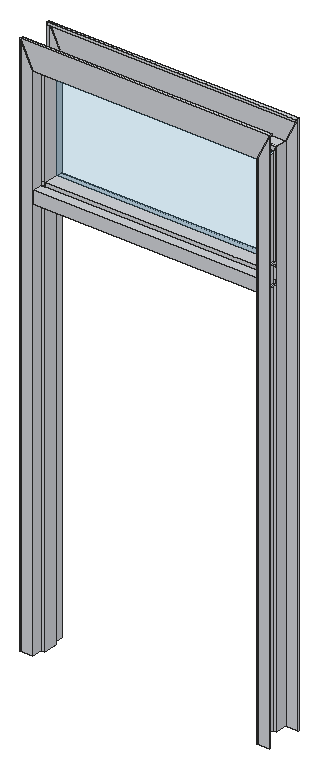
Revit family "Transom Ext-F-MDMF-36 x 84 -18 LSLT-4 Head", category Doors, host Wall, Revit 2014
Parameters (values of type "Ext-Transom F-MDMF-36" x 84"-18"LSLT-4" Head")
  Width = Door Panel Width  # 3' - 0"
  Wall Thickness [instance] = 0' - 5 3/4"
  URL = ""
  Type Comments = "EXT,"
  Thickness = 0' - 1 3/4"
  Swing Angle [instance] = 90.00°
  Sidelite Width = P1 Width - 0' 2"  # 1' - 0"
  SDI RO Spacing = 0' - 0"
  SDI Panel 1 Width = Leaf Width + 0' 0 3/16"  # 3' - 0"
  SDI No Panels = ""
  SDI Left Sidelite Width = Sidelite Width  # 1' - 0"
  SDI HW Set [instance] = ""
  SDI HW Item LO-2 [instance] = ""
  SDI HW Item LO-1 [instance] = ""
  SDI HW Item KP-2 [instance] = ""
  SDI HW Item KP-1 [instance] = ""
  SDI HW Item HI-2 [instance] = ""
  SDI HW Item HI-1 [instance] = ""
  SDI HW Item HC-2 [instance] = ""
  SDI HW Item HC-1 [instance] = ""
  SDI HW Item ED-2 [instance] = ""
  SDI HW Item ED-1 [instance] = ""
  SDI HW Item DO-2 [instance] = ""
  SDI HW Item DO-1 [instance] = ""
  SDI HW Item CL-2 [instance] = ""
  SDI HW Item CL-1 [instance] = ""
  SDI Glass Material = Glass
  SDI Frame Type = "Left Door"
  SDI Frame Sill Width = 0' - 6"
  SDI Frame Material Type = "Hollow Metal"
  SDI Frame Material = Paint - Generic - Prime
  SDI Frame Manufacturer = ""
  SDI Frame Jamb Width = 0' - 2"
  SDI Frame Head Width = 0' - 4"
  SDI Frame Finish Type = "Painted"
  SDI Frame Finish Color = "Prime"
  SDI Frame Depth [instance] = 0' - 5 3/4"
  SDI Family Version = "1.0"
  SDI Door Panel Type = "F"
  SDI Door Material Type = "Hollow Metal"
  SDI Door Material = Paint - Generic - Prime
  SDI Door Manufacturer = ""
  SDI Door Finish Type = "Painted"
  SDI Door Finish Color = "Prime"
  SDI Door Configuration = "SG"
  SDI Arch Frame Type [instance] = ""
  SDI Arch Frame Material Type [instance] = "HM"
  SDI Arch Door Panel Type [instance] = "F"
  SDI Arch Door Material Type [instance] = "HM"
  SDI Adjacent Wall Placement = 0' - 4"
  Rough Width = 4' - 6"
  Rough Height = Frame Height - 0' 0" + SDI RO Spacing  # 7' - 4"
  R1 Height = 7' - 2"
  P2 Width = 3' - 2"
  P1 Width = 1' - 2"
  Model = "Ext-Transom F-MDMF-36\" x 84\"-18\"LSLT-4\" Head"
  Manufacturer = ""
  Leaf Width = P2 Width - 0' 2 3/16"  # 2' - 11 13/16"
  Height = Door Panel Height  # 7' - 0"
  Glass Offset [instance] = 0' 2 1/16" + (SDI Frame Depth - 0' 5 3/4") / 2  # 0' - 2 1/16"
  Function = Exterior
  Frame Width = P1 Width + P2 Width + 0' 2"  # 4' - 6"
  Frame Offset [instance] = if(Aligned Exterior, SDI Frame Depth / 2, if(Aligned Center, Wall Thickness / 2, if(Aligned Interior, Wall Thickness - SDI Frame Depth + SDI Frame Depth / 2, Aligned Other)))  # 0' - 2 7/8"
  Frame Height = R1 Height + 0' 2"  # 7' - 4"
  Fire Rating = ""
  Exterior Glazing [instance] = no
  Door Panel Width = P2 Width - 0' 2"  # 3' - 0"
  Door Panel Height = R1 Height + 0' 2" - (0' 4")  # 7' - 0"
  Door Offset [instance] = 0' 2 13/16" + (SDI Frame Depth - 0' 5 3/4") / 2  # 0' - 2 13/16"
  Description = "Hollow Metal Door with Hollow Metal Frame"
  Cost = 0
  Assembly Code = "B2030220"
  Analytic Construction = "<None>"
  Aligned Other [instance] = 0' - 0"
  Aligned Interior [instance] = no
  Aligned Exterior [instance] = yes
  Aligned Center [instance] = no
  ADA Clearance Lines = no
Reference planes (in)
  plane 1: y = 0
  plane 2 "Center (Left/Right)": x = 0
  plane 3 "Wall Edge": y = 2.875
  plane 4 "Wall Interior": y = -2.875
  plane 5 "ModelRefLevel": z = 0
  plane 6 "FrameDepthPlane": y = 0
  plane 7 "FrameFront": y = 2.875
  plane 8 "FrameBack": y = -2.875
  plane 9 "V0": x = 26
  plane 10 "V1": x = 12
  plane 11 "V2": x = -26
  plane 12 "H0": z = 1
  plane 13 "H1": z = 87
  plane 14 "InTermLeftJamb0": x = 25
  plane 15 "OutTermLeftJamb0": x = 27
  plane 16 "OutsideJamb1": x = 11
  plane 17 "InsideJamb1": x = 13
  plane 18 "InTermRightJamb2": x = -25
  plane 19 "OutTermRightJamb2": x = -27
  plane 20 "D0.151041666666667": y = 1.0625
  plane 21 "D0.109375": y = 1.5625
  plane 22 "DoorLeft": x = 11
  plane 23 "DoorRight": x = -25
  plane 24 "DoorCenter": x = -7
  plane 25 "DoorTop": z = 83.875
  plane 26 "DoorCenterTB": z = 41.9375
  plane 27 "DoorExtFace": y = 2.8125
  plane 28 "DoorGlassFace": y = 2.0625
  plane 29 "LockCenterLine": z = 41.3125
  plane 30 "ActDoorRight": x = -24.90625
  plane 31 "SwingClrPlane": y = 62.875
  plane 32 "SwingPartialPlane": y = 50.875
  plane 33 "LeftAdjWall": x = 31
  plane 34: z = 44
  plane 35: z = 65.875
  plane 36: z = 88
Forms (in)
  Extrusion 1, void
    sketch origin (-14, 2.875, 0) x (1, 0, 0) y (0, 0, 1)
      loop
        line (27, 88) -> (24.375, 88) -> (24.375, 82.75) -> (27, 88)
    from -12 to 12
  Extrusion 2, solid
    sketch origin (132, 0, 42) x (-1, 0, 0) y (0, -1, 0)
      loop
        line (119, -2.875) -> (121, -2.875) -> (121, -0.9375) -> (121.625, -0.9375) -> (121.625, 1.3125) -> (121, 1.3125) -> (121, 2.875) -> (119, 2.875) -> (119, 2.8125) -> (120.9375, 2.8125) -> (120.9375, 1.25) -> (121.5625, 1.25) -> (121.5625, -0.875) -> (120.9375, -0.875) -> (120.9375, -2.8125) -> (119, -2.8125) -> (119, -2.875)
    from -42 to 46
  Extrusion 3, solid
    sketch origin (94.3125, 0, 44) x (-1, 0, 0) y (0, -1, 0)
      loop
        line (121.25, -2.375) -> (121.25, -2.8125) -> (119.375, -2.8125) -> (119.375, -0.875) -> (118.75, -0.875) -> (118.75, 1.25) -> (119.375, 1.25) -> (119.375, 2.8125) -> (121.25, 2.8125) -> (121.25, 2.4375) -> (121.3125, 2.4375) -> (121.3125, 2.875) -> (119.3125, 2.875) -> (119.3125, 1.3125) -> (118.6875, 1.3125) -> (118.6875, -0.9375) -> (119.3125, -0.9375) -> (119.3125, -2.875) -> (121.3125, -2.875) -> (121.3125, -2.375) -> (121.25, -2.375)
    from -44 to 44
  Extrusion 4, void
    sketch origin (0, 2.875, 0) x (1, 0, 0) y (0, 0, 1)
      loop
        line (-27, 88) -> (-24.375, 82.75) -> (-24.375, 88) -> (-27, 88)
    from -12 to 12
  Extrusion 5, void
    sketch origin (-14, 2.875, 0) x (1, 0, 0) y (0, 0, 1)
      loop
        line (27, 88) -> (24.6875, 83.375) -> (27, 83.375) -> (27, 88)
    from -12 to 12
  Extrusion 6, solid
    sketch origin (-7.5, 0, 85.6875) x (0, 1, 0) y (0, 0, 1)
      loop
        line (2.4375, 1.9375) -> (2.4375, 2.25) -> (2.8125, 2.25) -> (2.8125, -1.625) -> (0.875, -1.625) -> (0.875, -2.25) -> (-1.25, -2.25) -> (-1.25, -1.625) -> (-2.8125, -1.625) -> (-2.8125, 2.25) -> (-2.4375, 2.25) -> (-2.4375, 1.9375) -> (-2.375, 1.9375) -> (-2.375, 2.3125) -> (-2.875, 2.3125) -> (-2.875, -1.6875) -> (-1.3125, -1.6875) -> (-1.3125, -2.3125) -> (0.9375, -2.3125) -> (0.9375, -1.6875) -> (2.875, -1.6875) -> (2.875, 2.3125) -> (2.375, 2.3125) -> (2.375, 1.9375) -> (2.4375, 1.9375)
    from -19.5 to 20.5
  Extrusion 7, void
    sketch origin (0, 2.875, 0) x (1, 0, 0) y (0, 0, 1)
      loop
        line (-27, 88) -> (-27, 83.375) -> (-24.6875, 83.375) -> (-27, 88)
    from -12 to 12
  Extrusion 8, solid, material "Glass" <- "SDI Glass Material"
    sketch origin (-60, 1.0625, -12) x (1, 0, 0) y (0, 0, 1)
      loop
        line (35.09375, 96) -> (35.09375, 78.875) -> (71, 78.875) -> (71, 96) -> (35.09375, 96)
    from -0.125 to 0.125
  Extrusion 9, solid, material "Paint - Generic - Prime" <- "SDI Door Material", visible <- "Exterior Glazing"
    sketch origin (-60, 1.5625, -12) x (1, 0, 0) y (0, 0, 1)
      loop
        line (71, 12) -> (71, 76.875) -> (35.09375, 76.875) -> (35.09375, 12) -> (71, 12)
    from -0.125 to 0.125
  Sweep 10, solid
    path origin (0, 2.875, 0) x (1, 0, 0) y (0, 0, 1)
      loop
        line (11, 44) -> (-24.90625, 44)
    profile origin (-6.95313, 2.875, 44) x (0, 0, -1) y (0, -1, 0)
      loop
        line (-20.3125, 4.125) -> (-20.9375, 4.125) -> (-20.9375, 5.6875) -> (-22.8125, 5.6875) -> (-22.8125, 4.125) -> (-23.4375, 4.125) -> (-23.4375, 2) -> (-22.8125, 2) -> (-22.8125, 0.0625) -> (-20.9375, 0.0625) -> (-20.9375, 2) -> (-20.3125, 2) -> (-20.3125, 4.125)
      loop
        line (-22.875, 0) -> (-20.875, 0) -> (-20.875, 1.9375) -> (-20.25, 1.9375) -> (-20.25, 4.1875) -> (-20.875, 4.1875) -> (-20.875, 5.75) -> (-22.875, 5.75) -> (-22.875, 4.1875) -> (-23.5, 4.1875) -> (-23.5, 1.9375) -> (-22.875, 1.9375) -> (-22.875, 0)
Cuts and joins
  Extrusion 4 cuts Extrusion 3
  Extrusion 5, Extrusion 7 cuts Extrusion 6
  Extrusion 1 cuts Extrusion 2
Lines and regions (in)
  Opening 1
    outline origin (-60, -2.875, 0) x (1, 0, 0) y (0, 0, 1)
      loop
        line (73, 0) -> (73, 88) -> (33, 88) -> (33, 0) -> (73, 0)
  symbolic lines, style "DoorsFrameMullionProjection", detail levels fine
    curve 1: line (27, 2.375, 0) -> (27, 2.875, 0)
    curve 2: line (27, 2.875, 0) -> (25, 2.875, 0)
    curve 3: line (25, 2.875, 0) -> (25, 0.9375, 0)
    curve 4: line (25, 0.9375, 0) -> (24.375, 0.9375, 0)
    curve 5: line (24.375, 0.9375, 0) -> (24.375, -1.3125, 0)
    curve 6: line (24.375, -1.3125, 0) -> (25, -1.3125, 0)
    curve 7: line (25, -1.3125, 0) -> (25, -2.875, 0)
    curve 8: line (25, -2.875, 0) -> (27, -2.875, 0)
    curve 9: line (27, -2.875, 0) -> (27, -2.4375, 0)
    curve 10: line (27, -2.4375, 0) -> (26.9375, -2.4375, 0)
    curve 11: line (26.9375, -2.4375, 0) -> (26.9375, -2.8125, 0)
    curve 12: line (26.9375, -2.8125, 0) -> (25.0625, -2.8125, 0)
    curve 13: line (25.0625, -2.8125, 0) -> (25.0625, -1.25, 0)
    curve 14: line (25.0625, -1.25, 0) -> (24.4375, -1.25, 0)
    curve 15: line (24.4375, -1.25, 0) -> (24.4375, 0.875, 0)
    curve 16: line (24.4375, 0.875, 0) -> (25.0625, 0.875, 0)
    curve 17: line (25.0625, 0.875, 0) -> (25.0625, 2.8125, 0)
    curve 18: line (25.0625, 2.8125, 0) -> (26.9375, 2.8125, 0)
    curve 19: line (26.9375, 2.8125, 0) -> (26.9375, 2.375, 0)
    curve 20: line (26.9375, 2.375, 0) -> (27, 2.375, 0)
    curve 25: line (-3, 2.875, 0) -> (11, 2.875, 0)
    curve 26: line (11, 2.875, 0) -> (11, 0.9375, 0)
    curve 27: line (11, 0.9375, 0) -> (10.375, 0.9375, 0)
    curve 28: line (10.375, 0.9375, 0) -> (10.375, -1.3125, 0)
    curve 29: line (10.375, -1.3125, 0) -> (11, -1.3125, 0)
    curve 30: line (11, -1.3125, 0) -> (11, -2.875, 0)
    curve 31: line (11, -2.875, 0) -> (-3, -2.875, 0)
    curve 32: line (-3, -2.875, 0) -> (-3, -1.3125, 0)
    curve 33: line (-3, -1.3125, 0) -> (-3.625, -1.3125, 0)
    curve 34: line (-3.625, -1.3125, 0) -> (-3.625, 0.9375, 0)
    curve 35: line (-3.625, 0.9375, 0) -> (-3, 0.9375, 0)
    curve 36: line (-3, 0.9375, 0) -> (-3, 2.875, 0)
    curve 37: line (-2.9375, 2.8125, 0) -> (11.0625, 2.8125, 0)
    curve 38: line (11.0625, 2.8125, 0) -> (11.0625, 0.875, 0)
    curve 39: line (11.0625, 0.875, 0) -> (10.4375, 0.875, 0)
    curve 40: line (10.4375, 0.875, 0) -> (10.4375, -1.25, 0)
    curve 41: line (10.4375, -1.25, 0) -> (11.0625, -1.25, 0)
    curve 42: line (11.0625, -1.25, 0) -> (11.0625, -2.8125, 0)
    curve 43: line (11.0625, -2.8125, 0) -> (-2.9375, -2.8125, 0)
    curve 44: line (-2.9375, -2.8125, 0) -> (-2.9375, -1.25, 0)
    curve 45: line (-2.9375, -1.25, 0) -> (-3.5625, -1.25, 0)
    curve 46: line (-3.5625, -1.25, 0) -> (-3.5625, 0.875, 0)
    curve 47: line (-3.5625, 0.875, 0) -> (-2.9375, 0.875, 0)
    curve 48: line (-2.9375, 0.875, 0) -> (-2.9375, 2.8125, 0)
    curve 53: line (-26.9375, 2.375, 0) -> (-26.9375, 2.8125, 0)
    curve 54: line (-26.9375, 2.8125, 0) -> (-25.0625, 2.8125, 0)
    curve 55: line (-25.0625, 2.8125, 0) -> (-25.0625, 0.875, 0)
    curve 56: line (-25.0625, 0.875, 0) -> (-24.4375, 0.875, 0)
    curve 57: line (-24.4375, 0.875, 0) -> (-24.4375, -1.25, 0)
    curve 58: line (-24.4375, -1.25, 0) -> (-25.0625, -1.25, 0)
    curve 59: line (-25.0625, -1.25, 0) -> (-25.0625, -2.8125, 0)
    curve 60: line (-25.0625, -2.8125, 0) -> (-26.9375, -2.8125, 0)
    curve 61: line (-26.9375, -2.8125, 0) -> (-26.9375, -2.4375, 0)
    curve 62: line (-26.9375, -2.4375, 0) -> (-27, -2.4375, 0)
    curve 63: line (-27, -2.4375, 0) -> (-27, -2.875, 0)
    curve 64: line (-27, -2.875, 0) -> (-25, -2.875, 0)
    curve 65: line (-25, -2.875, 0) -> (-25, -1.3125, 0)
    curve 66: line (-25, -1.3125, 0) -> (-24.375, -1.3125, 0)
    curve 67: line (-24.375, -1.3125, 0) -> (-24.375, 0.9375, 0)
    curve 68: line (-24.375, 0.9375, 0) -> (-25, 0.9375, 0)
    curve 69: line (-25, 0.9375, 0) -> (-25, 2.875, 0)
    curve 70: line (-25, 2.875, 0) -> (-27, 2.875, 0)
    curve 71: line (-27, 2.875, 0) -> (-27, 2.375, 0)
    curve 72: line (-27, 2.375, 0) -> (-26.9375, 2.375, 0)
  symbolic lines, style "DoorsFrameMullionProjection", detail levels coarse+medium
    curve 21: line (25, -2.875, 0) -> (27, -2.875, 0)
    curve 22: line (25, 2.875, 0) -> (27, 2.875, 0)
    curve 23: line (25, -2.875, 0) -> (25, 2.875, 0)
    curve 24: line (27, -2.875, 0) -> (27, 2.875, 0)
    curve 49: line (11, -2.875, 0) -> (-3, -2.875, 0)
    curve 50: line (11, 2.875, 0) -> (-3, 2.875, 0)
    curve 51: line (11, -2.875, 0) -> (11, 2.875, 0)
    curve 52: line (-3, -2.875, 0) -> (-3, 2.875, 0)
    curve 73: line (-27, -2.875, 0) -> (-25, -2.875, 0)
    curve 74: line (-27, 2.875, 0) -> (-25, 2.875, 0)
    curve 75: line (-27, -2.875, 0) -> (-27, 2.875, 0)
    curve 76: line (-25, -2.875, 0) -> (-25, 2.875, 0)
  symbolic lines, style "Elevation Swing"
    curve 77: line (10.90625, 2.875, 83.875) -> (-24.90625, 2.875, 41.9375)
    curve 78: line (10.90625, 2.875, 0) -> (-24.90625, 2.875, 41.9375)
  symbolic lines, style "ADA Clearance", visible <- "ADA Clearance Lines"
    curve 79: line (-27, 2.875, 0) -> (-27, 62.875, 0)
    curve 80: line (29, 62.875, 0) -> (-27, 62.875, 0)
    curve 81: line (29, 50.875, 0) -> (-27, 50.875, 0)
    curve 82: line (29, 2.875, 0) -> (29, 62.875, 0)
    curve 83: line (-27, -2.875, 0) -> (-27, -50.875, 0)
    curve 84: line (23, -50.875, 0) -> (-27, -50.875, 0)
    curve 85: line (23, -2.875, 0) -> (23, -50.875, 0)
Text (in)
  text "Placement Side" at (0, 40.15149, 123.01588), in view "Right"
  text "Placement Side" at (-70.3804, 28.46503, 0), in view "Ref. Level"
  text "Placement Side" at (0, 81.62555, 140.59947), in view "Left"
Dimensions and locks (in)
  locked: plane 3 "Wall Edge" to host wall
  host wall to plane 2 "Center (Left/Right)" to host wall = 1' - 1", 2' - 3"
  host wall to host wall = 3' - 4"
  "Rough Height": level to host wall
  equal spacing: plane 3 "Wall Edge", plane 1, plane 4 "Wall Interior"
  "Wall Thickness": host wall to host wall
  "Frame Offset": plane 3 "Wall Edge" to plane 6 "FrameDepthPlane"
  equal spacing: plane 7 "FrameFront", plane 6 "FrameDepthPlane", plane 8 "FrameBack"
  "SDI Frame Depth": plane 7 "FrameFront" to plane 8 "FrameBack"
  equal spacing: plane 9 "V0", plane 2 "Center (Left/Right)", plane 11 "V2"
  "P1 Width": plane 9 "V0" to plane 10 "V1"
  "P2 Width": plane 10 "V1" to plane 11 "V2"
  "R1 Height": plane 12 "H0" to plane 13 "H1"
  locked: plane 9 "V0" to curve 1 at 1
  locked: plane 9 "V0" to curve 2 at 1
  locked: plane 9 "V0" to curve 3 at 1
  locked: plane 9 "V0" to curve 4 at 1
  locked: plane 9 "V0" to curve 5 at 1.625
  locked: plane 9 "V0" to curve 6 at 1.625
  locked: plane 9 "V0" to curve 7 at 1
  locked: plane 9 "V0" to curve 8 at 1
  locked: plane 9 "V0" to curve 9 at 1
  locked: plane 9 "V0" to curve 10 at 1
  locked: plane 9 "V0" to curve 11 at 0.9375
  locked: plane 9 "V0" to curve 12 at 0.9375
  locked: plane 9 "V0" to curve 13 at 0.9375
  locked: plane 9 "V0" to curve 14 at 0.9375
  locked: plane 9 "V0" to curve 15 at 1.5625
  locked: plane 9 "V0" to curve 16 at 1.5625
  locked: plane 9 "V0" to curve 17 at 0.9375
  locked: plane 9 "V0" to curve 18 at 0.9375
  locked: plane 9 "V0" to curve 19 at 0.9375
  locked: plane 9 "V0" to curve 20 at 0.9375
  locked: plane 9 "V0" to plane 15 "OutTermLeftJamb0" at 1
  locked: plane 9 "V0" to plane 14 "InTermLeftJamb0" at 1
  locked: plane 9 "V0" to curve 21 at 1
  locked: plane 9 "V0" to curve 22 at 1
  locked: plane 9 "V0" to curve 23 at 1
  locked: plane 9 "V0" to curve 24 at 1
  Extrusion 2 to plane 13 "H1" = 0' - 1"
  locked: plane 12 "H0" to Extrusion 2 at 1
  locked: plane 10 "V1" to Extrusion 2 at 1  (x5)
  locked: plane 10 "V1" to Extrusion 2 at 0.9375  (x2)
  locked: plane 10 "V1" to Extrusion 2 at 1.5625
  locked: plane 10 "V1" to Extrusion 2 at 1.625
  curve 25 to plane 10 "V1" = 1' - 3"
  locked: plane 10 "V1" to curve 26 at 1
  locked: plane 10 "V1" to curve 27 at 1
  locked: plane 10 "V1" to curve 28 at 1.625
  locked: plane 10 "V1" to curve 29 at 1.625
  locked: plane 10 "V1" to curve 30 at 1
  locked: plane 10 "V1" to curve 31 at 1
  curve 32 to plane 10 "V1" = 1' - 3"
  curve 33 to plane 10 "V1" = 1' - 3"
  curve 34 to plane 10 "V1" = 1' - 3 5/8"
  curve 35 to plane 10 "V1" = 1' - 3 5/8"
  curve 36 to plane 10 "V1" = 1' - 3"
  curve 37 to plane 10 "V1" = 1' - 2 15/16"
  locked: plane 10 "V1" to curve 38 at 0.9375
  locked: plane 10 "V1" to curve 39 at 0.9375
  locked: plane 10 "V1" to curve 40 at 1.5625
  locked: plane 10 "V1" to curve 41 at 1.5625
  locked: plane 10 "V1" to curve 42 at 0.9375
  locked: plane 10 "V1" to curve 43 at 0.9375
  curve 44 to plane 10 "V1" = 1' - 2 15/16"
  curve 45 to plane 10 "V1" = 1' - 2 15/16"
  curve 46 to plane 10 "V1" = 1' - 3 9/16"
  curve 47 to plane 10 "V1" = 1' - 3 9/16"
  curve 48 to plane 10 "V1" = 1' - 2 15/16"
  locked: plane 10 "V1" to plane 16 "OutsideJamb1" at 1
  locked: plane 10 "V1" to plane 17 "InsideJamb1" at 1
  locked: plane 10 "V1" to curve 49 at 1
  locked: plane 10 "V1" to curve 50 at 1
  locked: plane 10 "V1" to curve 51 at 1
  curve 52 to plane 10 "V1" = 1' - 3"
  locked: plane 13 "H1" to Extrusion 3 at 1
  locked: plane 12 "H0" to Extrusion 3 at 1
  locked: plane 11 "V2" to Extrusion 3 at 0.9375  (x4)
  locked: plane 11 "V2" to Extrusion 3 at 1  (x5)
  locked: plane 11 "V2" to Extrusion 3 at 1.625
  locked: plane 11 "V2" to Extrusion 3 at 1.5625
  locked: plane 11 "V2" to curve 53 at 0.9375
  locked: plane 11 "V2" to curve 54 at 0.9375
  locked: plane 11 "V2" to curve 55 at 0.9375
  locked: plane 11 "V2" to curve 56 at 0.9375
  locked: plane 11 "V2" to curve 57 at 1.5625
  locked: plane 11 "V2" to curve 58 at 1.5625
  locked: plane 11 "V2" to curve 59 at 0.9375
  locked: plane 11 "V2" to curve 60 at 0.9375
  locked: plane 11 "V2" to curve 61 at 0.9375
  locked: plane 11 "V2" to curve 62 at 0.9375
  locked: plane 11 "V2" to curve 63 at 1
  locked: plane 11 "V2" to curve 64 at 1
  locked: plane 11 "V2" to curve 65 at 1
  locked: plane 11 "V2" to curve 66 at 1
  locked: plane 11 "V2" to curve 67 at 1.625
  locked: plane 11 "V2" to curve 68 at 1.625
  locked: plane 11 "V2" to curve 69 at 1
  locked: plane 11 "V2" to curve 70 at 1
  locked: plane 11 "V2" to curve 71 at 1
  locked: plane 11 "V2" to curve 72 at 1
  locked: plane 11 "V2" to plane 18 "InTermRightJamb2" at 1
  locked: plane 11 "V2" to plane 19 "OutTermRightJamb2" at 1
  locked: plane 11 "V2" to curve 73 at 1
  locked: plane 11 "V2" to curve 74 at 1
  locked: plane 11 "V2" to curve 75 at 1
  locked: plane 11 "V2" to curve 76 at 1
  locked: plane 11 "V2" to Extrusion 6 at 1
  locked: plane 13 "H1" to Extrusion 6 at 2.9375  (x2)
  locked: plane 13 "H1" to Extrusion 6 at 3.5625
  locked: plane 13 "H1" to Extrusion 6 at 1  (x2)
  locked: plane 13 "H1" to Extrusion 6 at 0.9375  (x3)
  locked: plane 13 "H1" to Extrusion 6 at 0.625  (x2)
  locked: plane 13 "H1" to Extrusion 6 at 3  (x2)
  locked: plane 13 "H1" to Extrusion 6 at 3.625
  locked: plane 7 "FrameFront" to Extrusion 2 at 1.9375
  locked: plane 7 "FrameFront" to Extrusion 2 at 0.0625
  locked: plane 7 "FrameFront" to Extrusion 2 at 2
  locked: plane 8 "FrameBack" to Extrusion 2 at 1.5625
  locked: plane 8 "FrameBack" to Extrusion 2 at 0.0625
  locked: plane 8 "FrameBack" to Extrusion 2 at 1.625
  locked: plane 7 "FrameFront" to cut or joined group of Extrusion 3, Extrusion 4 at 0.0625
  locked: plane 7 "FrameFront" to cut or joined group of Extrusion 3, Extrusion 4 at 2
  locked: plane 7 "FrameFront" to cut or joined group of Extrusion 3, Extrusion 4 at 1.9375
  locked: plane 7 "FrameFront" to cut or joined group of Extrusion 3, Extrusion 4 at 0.5
  locked: plane 8 "FrameBack" to cut or joined group of Extrusion 3, Extrusion 4 at 1.625
  locked: plane 8 "FrameBack" to cut or joined group of Extrusion 3, Extrusion 4 at 0.0625
  locked: plane 8 "FrameBack" to cut or joined group of Extrusion 3, Extrusion 4 at 0.4375
  locked: plane 8 "FrameBack" to cut or joined group of Extrusion 3, Extrusion 4 at 1.5625
  locked: plane 7 "FrameFront" to cut or joined group of Extrusion 5, Extrusion 6, Extrusion 7 at 0.0625
  locked: plane 7 "FrameFront" to cut or joined group of Extrusion 5, Extrusion 6, Extrusion 7 at 2
  locked: plane 7 "FrameFront" to cut or joined group of Extrusion 5, Extrusion 6, Extrusion 7 at 1.9375
  locked: plane 7 "FrameFront" to cut or joined group of Extrusion 5, Extrusion 6, Extrusion 7 at 0.5
  locked: plane 7 "FrameFront" to cut or joined group of Extrusion 5, Extrusion 6, Extrusion 7 at 0.4375
  locked: plane 8 "FrameBack" to cut or joined group of Extrusion 5, Extrusion 6, Extrusion 7 at 1.625
  locked: plane 8 "FrameBack" to cut or joined group of Extrusion 5, Extrusion 6, Extrusion 7 at 0.0625
  locked: plane 8 "FrameBack" to cut or joined group of Extrusion 5, Extrusion 6, Extrusion 7 at 0.4375
  locked: plane 8 "FrameBack" to cut or joined group of Extrusion 5, Extrusion 6, Extrusion 7 at 0.5
  locked: plane 8 "FrameBack" to cut or joined group of Extrusion 5, Extrusion 6, Extrusion 7 at 1.5625
  locked: plane 7 "FrameFront" to curve 4 at 1.9375
  locked: plane 7 "FrameFront" to curve 16 at 2
  locked: plane 7 "FrameFront" to curve 18 at 0.0625
  locked: plane 7 "FrameFront" to curve 20 at 0.5
  locked: plane 7 "FrameFront" to curve 27 at 1.9375
  locked: plane 7 "FrameFront" to curve 35 at 1.9375
  locked: plane 7 "FrameFront" to curve 37 at 0.0625
  locked: plane 7 "FrameFront" to curve 39 at 2
  locked: plane 7 "FrameFront" to curve 47 at 2
  locked: plane 7 "FrameFront" to curve 54 at 0.0625
  locked: plane 7 "FrameFront" to curve 56 at 2
  locked: plane 7 "FrameFront" to curve 68 at 1.9375
  locked: plane 7 "FrameFront" to curve 72 at 0.5
  locked: plane 8 "FrameBack" to curve 6 at 1.5625
  locked: plane 8 "FrameBack" to curve 10 at 0.4375
  locked: plane 8 "FrameBack" to curve 12 at 0.0625
  locked: plane 8 "FrameBack" to curve 14 at 1.625
  locked: plane 8 "FrameBack" to curve 29 at 1.5625
  locked: plane 8 "FrameBack" to curve 33 at 1.5625
  locked: plane 8 "FrameBack" to curve 41 at 1.625
  locked: plane 8 "FrameBack" to curve 43 at 0.0625
  locked: plane 8 "FrameBack" to curve 45 at 1.625
  locked: plane 8 "FrameBack" to curve 58 at 1.625
  locked: plane 8 "FrameBack" to curve 60 at 0.0625
  locked: plane 8 "FrameBack" to curve 62 at 0.4375
  locked: plane 8 "FrameBack" to curve 66 at 1.5625
  locked: plane 7 "FrameFront" to Extrusion 8 at 1.9375
  locked: plane 7 "FrameFront" to Extrusion 8 at 1.6875
  locked: plane 7 "FrameFront" to Extrusion 9 at 1.4375
  locked: plane 7 "FrameFront" to Extrusion 9 at 1.1875
  locked: plane 10 "V1" to plane 22 "DoorLeft" at 1
  locked: plane 11 "V2" to plane 23 "DoorRight" at 1
  locked: plane 13 "H1" to plane 25 "DoorTop" at 3.125
  equal spacing: plane 25 "DoorTop", plane 26 "DoorCenterTB", plane 5 "ModelRefLevel"
  "Door Offset": plane 6 "FrameDepthPlane" to plane 27 "DoorExtFace"
  "Glass Offset": plane 6 "FrameDepthPlane" to plane 28 "DoorGlassFace"
  locked: plane 29 "LockCenterLine" to plane 5 "ModelRefLevel" at 41.3125
  locked: plane 23 "DoorRight" to plane 30 "ActDoorRight" at 0.09375
  locked: plane 3 "Wall Edge" to plane 31 "SwingClrPlane" at 60
  locked: plane 3 "Wall Edge" to plane 32 "SwingPartialPlane" at 48
  "SDI Adjacent Wall Placement": plane 15 "OutTermLeftJamb0" to plane 33 "LeftAdjWall"
  equal spacing: plane 12 "H0", plane 34, plane 13 "H1"
  plane 35 to plane 25 "DoorTop" = 1' - 6"
  locked: plane 13 "H1" to plane 36 at 1
  aligned and locked: plane 4 "Wall Interior" to host wall
  aligned and locked: cut or joined group of Extrusion 3, Extrusion 4 to plane 7 "FrameFront"
  aligned and locked: plane 8 "FrameBack" to cut or joined group of Extrusion 3, Extrusion 4
  aligned and locked: cut or joined group of Extrusion 5, Extrusion 6, Extrusion 7 to plane 7 "FrameFront"
  aligned and locked: plane 8 "FrameBack" to cut or joined group of Extrusion 5, Extrusion 6, Extrusion 7
  aligned and locked: curve 2 to plane 7 "FrameFront"
  aligned and locked: plane 7 "FrameFront" to curve 22
  aligned and locked: curve 25 to plane 7 "FrameFront"
  aligned and locked: plane 7 "FrameFront" to curve 50
  aligned and locked: curve 70 to plane 7 "FrameFront"
  aligned and locked: plane 7 "FrameFront" to curve 74
  aligned and locked: plane 8 "FrameBack" to curve 8
  aligned and locked: plane 8 "FrameBack" to curve 31
  aligned and locked: plane 8 "FrameBack" to curve 64
  aligned and locked: plane 7 "FrameFront" to nested 1
  aligned and locked: plane 30 "ActDoorRight" to nested 1
  aligned and locked: curve 80 to plane 31 "SwingClrPlane"
  aligned and locked: curve 81 to plane 32 "SwingPartialPlane"
  aligned and locked: Sweep 10 sketch curve to plane 34
  aligned and locked: Sweep 10 to Extrusion 8 sketch curve
  aligned and locked: Extrusion 9 sketch curve to Sweep 10
  aligned and locked: plane 22 "DoorLeft" to Sweep 10 sketch curve
  aligned and locked: plane 30 "ActDoorRight" to Sweep 10 sketch curve
  aligned and locked: Extrusion 8 sketch curve to plane 30 "ActDoorRight"
  aligned and locked: plane 22 "DoorLeft" to Extrusion 8 sketch curve
  aligned and locked: Extrusion 9 sketch curve to plane 30 "ActDoorRight"
  aligned and locked: plane 22 "DoorLeft" to Extrusion 9 sketch curve
  aligned and locked: Opening 1 sketch curve to plane 17 "InsideJamb1"
  aligned and locked: plane 19 "OutTermRightJamb2" to Opening 1 sketch curve
  aligned and locked: cut or joined group of Extrusion 1, Extrusion 2 to plane 36
  aligned and locked: plane 17 "InsideJamb1" to cut or joined group of Extrusion 5, Extrusion 6, Extrusion 7
Automatic sketch dimensions
  Opening 1 sketch curve to level = 0' - 0"
  level to Opening 1 sketch curve = 7' - 4"
  Extrusion 1 sketch curve to plane 9 "V0" = 1' - 3 5/8"
  Extrusion 1 sketch curve to plane 9 "V0" = 1' - 1"
  plane 13 "H1" to Extrusion 1 sketch curve = 0' - 4 1/4"
  Extrusion 1 sketch curve to plane 13 "H1" = 0' - 1"
  plane 9 "V0" to curve 1 = 0' - 1"
  curve 3 to curve 4 = 0' - 0 5/8"
  curve 7 to plane 9 "V0" = 0' - 1"
  curve 9 to curve 10 = 0' - 0 1/16"
  curve 12 to curve 7 = 0' - 0 1/16"
  curve 14 to curve 5 = 0' - 0 1/16"
  curve 16 to curve 3 = 0' - 0 1/16"
  curve 1 to curve 18 = 0' - 0 1/16"
  Extrusion 2 sketch curve to host wall = 0' - 0"
  host wall to Extrusion 2 sketch curve = 0' - 0"
  Extrusion 2 sketch curve to host wall = 0' - 0 1/16"
  plane 2 "Center (Left/Right)" to Extrusion 2 sketch curve = 0' - 11 1/16"  (x2)
  Extrusion 2 sketch curve to Extrusion 2 sketch curve = 0' - 0 1/16"  (x5)
  Extrusion 2 sketch curve to Extrusion 2 sketch curve = 0' - 0 9/16"
  Extrusion 2 sketch curve to host wall = 0' - 0 15/16"
  host wall to Extrusion 2 sketch curve = 0' - 1 1/4"
  curve 29 to curve 28 = 0' - 0 5/8"
  curve 35 to curve 34 = 0' - 0 5/8"
  curve 37 to curve 25 = 0' - 0 1/16"
  curve 39 to curve 27 = 0' - 0 1/16"
  curve 41 to curve 29 = 0' - 0 1/16"
  curve 43 to curve 31 = 0' - 0 1/16"
  curve 45 to curve 33 = 0' - 0 1/16"
  curve 47 to curve 35 = 0' - 0 1/16"
  curve 50 to plane 17 "InsideJamb1" = 1' - 4"
  curve 51 to plane 16 "OutsideJamb1" = 0' - 0"
  Extrusion 4 sketch curve to plane 11 "V2" = 0' - 1"
  plane 11 "V2" to Extrusion 4 sketch curve = 0' - 1 5/8"
  plane 13 "H1" to Extrusion 4 sketch curve = 0' - 4 1/4"
  Extrusion 4 sketch curve to plane 13 "H1" = 0' - 1"
  host wall to Extrusion 3 sketch curve = 0' - 0"
  Extrusion 3 sketch curve to host wall = 0' - 0"
  Extrusion 3 sketch curve to plane 2 "Center (Left/Right)" = 2' - 0 3/8"
  Extrusion 3 sketch curve to Extrusion 3 sketch curve = 0' - 0 1/16"  (x7)
  Extrusion 3 sketch curve to Extrusion 3 sketch curve = 0' - 0 9/16"  (x2)
  Extrusion 3 sketch curve to host wall = 0' - 0 7/16"
  Extrusion 3 sketch curve to plane 2 "Center (Left/Right)" = 2' - 2 15/16"  (x2)
  Extrusion 3 sketch curve to host wall = 0' - 0 1/2"
  Extrusion 3 sketch curve to host wall = 0' - 0 1/16"  (x2)
  Extrusion 3 sketch curve to host wall = 0' - 0 15/16"
  host wall to Extrusion 3 sketch curve = 0' - 1 1/4"
  plane 11 "V2" to curve 54 = 0' - 0 15/16"
  curve 56 to curve 55 = 0' - 0 5/8"
  curve 60 to plane 11 "V2" = 0' - 0 15/16"
  curve 61 to curve 62 = 0' - 0 1/16"
  curve 65 to curve 58 = 0' - 0 1/16"
  curve 66 to curve 57 = 0' - 0 1/16"
  curve 68 to curve 55 = 0' - 0 1/16"
  curve 53 to curve 70 = 0' - 0 1/16"
  Extrusion 5 sketch curve to plane 15 "OutTermLeftJamb0" = 1' - 2"
  Extrusion 5 sketch curve to plane 14 "InTermLeftJamb0" = 1' - 2 5/16"
  plane 13 "H1" to Extrusion 5 sketch curve = 0' - 3 5/8"
  Extrusion 5 sketch curve to plane 13 "H1" = 0' - 1"
  Extrusion 7 sketch curve to plane 19 "OutTermRightJamb2" = 0' - 0"
  plane 18 "InTermRightJamb2" to Extrusion 7 sketch curve = 0' - 0 5/16"
  plane 13 "H1" to Extrusion 7 sketch curve = 0' - 3 5/8"
  Extrusion 7 sketch curve to plane 13 "H1" = 0' - 1"
  Extrusion 6 sketch curve to host wall = 0' - 0"  (x2)
  Extrusion 6 sketch curve to host wall = 0' - 0 1/16"  (x2)
  Extrusion 6 sketch curve to host wall = 0' - 0 7/16"
  Extrusion 6 sketch curve to Extrusion 6 sketch curve = 0' - 0 1/16"  (x9)
  host wall to Extrusion 6 sketch curve = 0' - 1 5/16"
  Extrusion 6 sketch curve to host wall = 0' - 0 7/8"
  Extrusion 6 sketch curve to host wall = 0' - 0 1/2"
  level to Extrusion 6 sketch curve = 6' - 11 3/8"
  Extrusion 6 sketch curve to Extrusion 6 sketch curve = 0' - 0 5/8"
  level to Extrusion 6 sketch curve = 7' - 0"
  Extrusion 6 sketch curve to plane 12 "H0" = 7' - 2 5/8"  (x2)
  Extrusion 6 sketch curve to Extrusion 6 sketch curve = 0' - 0 5/16"  (x2)
  plane 13 "H1" to Extrusion 8 sketch curve = 0' - 3"
  curve 77 to plane 25 "DoorTop" = 0' - 0"
  curve 77 to plane 16 "OutsideJamb1" = 0' - 0 3/32"
  curve 78 to plane 26 "DoorCenterTB" = 0' - 0"
  curve 78 to plane 30 "ActDoorRight" = 0' - 0"
  curve 78 to level = 0' - 0"
  curve 78 to plane 16 "OutsideJamb1" = 0' - 0 3/32"
  curve 79 to host wall = 0' - 0"
  plane 15 "OutTermLeftJamb0" to curve 80 = 0' - 2"
  curve 81 to plane 19 "OutTermRightJamb2" = 0' - 0"
  curve 82 to host wall = 0' - 0"
  curve 83 to plane 19 "OutTermRightJamb2" = 0' - 0"
  host wall to curve 83 = 0' - 0"
  host wall to curve 83 = 4' - 0"
  curve 84 to plane 14 "InTermLeftJamb0" = 0' - 2"
  host wall to curve 85 = 0' - 0"
  plane 12 "H0" to Extrusion 9 sketch curve = 0' - 1"
  Sweep 10 sketch curve to Sweep 10 sketch curve = 0' - 0 1/16"  (x11)
  profile plane to Sweep 10 sketch curve = 1' - 11 1/2"
  Sweep 10 sketch curve to Sweep 10 sketch curve = 0' - 0 9/16"  (x3)
  profile plane to Sweep 10 sketch curve = 1' - 8 15/16"  (x2)
  plane 7 "FrameFront" to Sweep 10 sketch curve = 0' - 0 1/16"
  Sweep 10 sketch curve to Sweep 10 sketch curve = 0' - 1 7/8"  (x2)
  Sweep 10 sketch curve to Sweep 10 sketch curve = 0' - 2 1/8"  (x2)
  Sweep 10 sketch curve to Sweep 10 sketch curve = 0' - 1 1/2"
  Sweep 10 sketch curve to plane 7 "FrameFront" = 0' - 0"
  Extrusion 2 sketch curve to plane 17 "InsideJamb1" = 0' - 0"  (x2)
  plane 27 "DoorExtFace" to Extrusion 2 sketch curve = 0' - 0"
Nested families (in)
  nested 1: "SingleDoorPlanLines" at (-24.90625, 2.875, 0.625) x (-1, 0, 0) z (0, 0, 1), type "SingleDoorPlanLines"
Definition of nested family "SingleDoorPlanLines"
  Parameters (values of type "SingleDoorPlanLines")
    Width = 3' - 0"
    URL = ""
    Thickness = 0' - 1 3/4"
    Analytic Construction = "<None>"
    Swing Angle = 90.00°
  Reference planes (in)
    plane 1 "Front": y = 0
    plane 2: z = 0
    plane 3 "Right": x = 0
    plane 4 "Left": x = -36
  Lines and regions (in)
    symbolic lines, style "DoorsPanelProjection"
      curve 1: line (0, 0, 0) -> (0, 36, 0)
      curve 2: line (0, 36, 0) -> (-1.75, 36, 0)
      curve 3: line (-1.75, 36, 0) -> (-1.75, 0, 0)
      curve 4: line (-1.75, 0, 0) -> (0, 0, 0)
    model lines, style "InvisibleLines", not visible
      curve 5: line (0, 0, 0) -> (-38.99851, -0.34033, 0)
    symbolic lines, style "Plan Swing"
      curve 6: arc (-35.99863, -0.31416, 0) -> (-25.56667, 25.34453, 0) -> (0, 36, 0) r 36
  Dimensions and locks (in)
    "Thickness": curve 3 to curve 1
    "Width": curve 2 to curve 4
    "Width": plane 4 "Left" to plane 3 "Right"
    "Swing Angle": angle curve 1 to plane 1 "Front"
    locked: plane 1 "Front" to curve 5 (angle 0.50°)
  Automatic sketch dimensions
    curve 6 to plane 1 "Front" = 0' - 0"
    curve 6 to plane 3 "Right" = 0' - 0"
    curve 4 to plane 1 "Front" = 0' - 0"
    curve 4 to plane 3 "Right" = 0' - 0"
